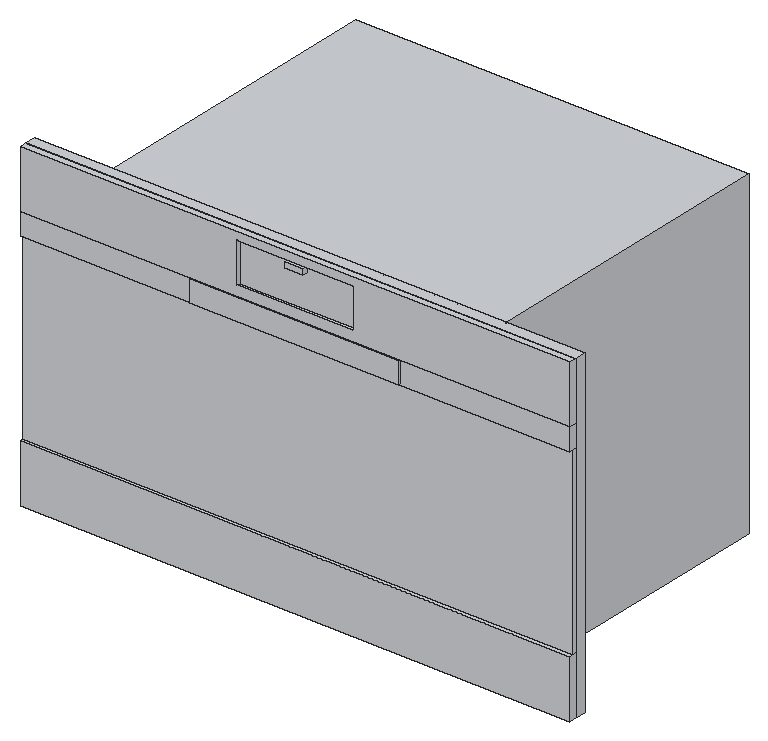
Revit family "CSO30CM_S", category Generic Models, Revit 2018
Family settings
  Can host rebar = No
  Round Connector Dimension = Use Diameter
  Part Type = Normal
  Work Plane-Based = No
  Always vertical = Yes
  Cut with Voids When Loaded = No
  Shared = No
  Room Calculation Point = No
Reference planes (cm)
  plane 1 "Center (Front/Back)": y = 0
  plane 2: z = 0
  plane 3 "Center (Left/Right)": x = 0
Forms (cm)
  Extrusion 1, solid
    sketch origin (0, 0, 0) x (1, 0, 0) y (0, 1, 0)
      loop
        line (0, 41.5) -> (0, 0) -> (53.9, 0) -> (53.9, 41.5) -> (0, 41.5)
    from 0 to 44.1438
  Extrusion 2, solid
    sketch origin (-2.75, 0, 0) x (1, 0, 0) y (0, 1, 0)
      loop
        line (-8, 0) -> (-8, -1.5) -> (67.4, -1.5) -> (67.4, 0) -> (-8, 0)
    from 0 to 44.1438
  Extrusion 3, solid
    sketch origin (-2.75, -1.5, 0) x (1, 0, 0) y (0, 1, 0)
      loop
        line (-8, 0) -> (-8, -1) -> (67.4, -1) -> (67.4, 0) -> (-8, 0)
    from 36.1773 to 44.1438
  Extrusion 4, solid
    sketch origin (-2.75, -1.5, -7.9665) x (1, 0, 0) y (0, 1, 0)
      loop
        line (-8, 0) -> (-8, -1) -> (67.4, -1) -> (67.4, 0) -> (-8, 0)
    from 41.1438 to 44.1438
  Extrusion 5, solid
    sketch origin (-2.75, -1.5, -10.9665) x (1, 0, 0) y (0, 1, 0)
      loop
        line (-8, 0) -> (-8, -0.5) -> (67.4, -0.5) -> (67.4, 0) -> (-8, 0)
    from 10.9665 to 44.1438
  Extrusion 6, solid
    sketch origin (-2.75, -1.5, -41.1438) x (1, 0, 0) y (0, 1, 0)
      loop
        line (-8, 0) -> (-8, -1) -> (67.4, -1) -> (67.4, 0) -> (-8, 0)
    from 41.1438 to 49.1438
  Extrusion 7, solid
    sketch origin (3.0706, -1.5, -7.9665) x (1, 0, 0) y (0, 1, 0)
      loop
        line (9.5089, 0) -> (9.5089, -1.1443) -> (38.25, -1.1443) -> (38.25, 0) -> (9.5089, 0)
    from 41.1438 to 44.1438
  Extrusion 8, void
    sketch origin (0, 0, 0) x (1, 0, 0) y (0, 0, 1)
      loop
        line (18.95, 43.1438) -> (18.95, 37.5438) -> (34.95, 37.5438) -> (34.95, 43.1438) -> (18.95, 43.1438)
    from 2 to 7.4855
  Extrusion 9, solid
    sketch origin (0, 0, 0) x (1, 0, 0) y (0, 0, 1)
      loop
        line (25.6666, 42.8217) -> (25.6666, 42.0914) -> (28.1666, 42.0914) -> (28.1666, 42.8217) -> (25.6666, 42.8217)
    from 1.6943 to 2.6443
Cuts and joins
  Extrusion 8 cuts Extrusion 1
  Extrusion 8 cuts Extrusion 2
  Extrusion 8 cuts Extrusion 3
Dimensions and locks (cm)
  aligned and locked: level to plane 2
